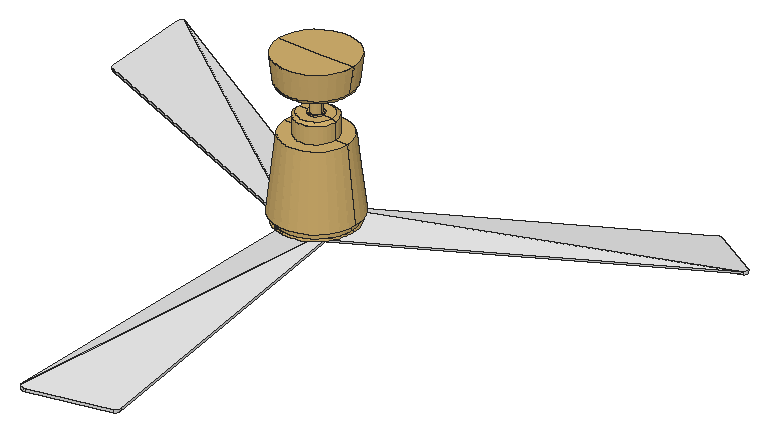
Revit family "Dynamo 3-113-xx e", category Generic Models, host Ceiling, Revit 2020
Family settings
  Host = Ceiling
  Can host rebar = No
  Round Connector Dimension = Use Diameter
  Part Type = Normal
  Always vertical = Yes
  Cut with Voids When Loaded = No
  Shared = No
  Room Calculation Point = No
Parameters (values of type "37-113-640 / White - Aged Brass")
  Voltage Input = "120 V or 277 V - 50/60 Hz"  # constant formula
  Voltage = 277 V
  URL = "www.oxygenlighting.com"
  References = "Ref. 3 = 120 V / Ref. 37 = 277 V"  # constant formula
  Model = "3-113-xx/37-113-xx Dynamo Fan"  # constant formula
  Metal Finish = 40 - Aged Brass
  Manufacturer = "Oxygen - Lighting & Fans"  # constant formula
  Default Elevation = 0 mm
  Blade Finish = 6 - White
Types (9, lengths in mm): name | Voltage | Metal Finish | Blade Finish
  (no name) | 277 V | 40 - Aged Brass | 6 - White
  3-113-15 / Black | 120 V | 15 - Black | 15 - Black
  3-113-1540 / Black - Aged Brass | 120 V | 40 - Aged Brass | 15 - Black
  3-113-24 / Satin Nickel | 120 V | 24 - Satin Nickel | 24 - Satin Nickel
  3-113-640 / White - Aged Brass | 120 V | 40 - Aged Brass | 6 - White
  37-113-15 / Black | 277 V | 15 - Black | 15 - Black
  37-113-1540 / Black - Aged Brass | 277 V | 40 - Aged Brass | 15 - Black
  37-113-24 / Satin Nickel | 277 V | 24 - Satin Nickel | 24 - Satin Nickel
  37-113-640 / White - Aged Brass | 277 V | 40 - Aged Brass | 6 - White
Reference planes
  plane 1 "Center (Front/Back)": y = 0
  plane 2 "Ceiling": z = 2438.4
  plane 3 "Center (Left/Right)": x = 0
Dimensions and locks
  equal spacing: host sketch curve, plane 3 "Center (Left/Right)", host sketch curve
  equal spacing: host sketch curve, plane 1 "Center (Front/Back)", host sketch curve
  host sketch curve to host sketch curve = 3048 mm  (x2)
  aligned and locked: plane 3 "Center (Left/Right)" to nested 1
  aligned and locked: plane 1 "Center (Front/Back)" to nested 1
  aligned and locked: nested 1 to plane 2 "Ceiling"
  aligned and locked: plane 1 "Center (Front/Back)" to nested 2
  aligned and locked: plane 3 "Center (Left/Right)" to nested 2
  aligned and locked: nested 1 to nested 2
Nested families
  nested 1: "Base" at (0, 0, 2438.4), type "Base"
  nested 2: "Blades" at (0, 0, 1735.388), type "Blades"
Connectors
  electrical at (0, 0, 2438.4), driven by "Voltage"
    settings: on nested 1, index 1, voltage 277 V, apparent load 0 VA, apparent load phase1 0 VA, apparent load phase2 0 VA, apparent load phase3 0 VA, power factor 1, load classification "Other", number of poles 1, system type 31, power factor state 1, is connector primary yes, connector utility no, sub classification motor no, connector description ""
Definition of nested family "Base"
  Parameters
    Metal finish = none
    Default Elevation = 0 mm
  Reference planes
    plane 1 "Center (Front/Back)": y = 0
    plane 2: z = 0
    plane 3 "Center (Left/Right)": x = 0
  Forms (mm)
    Revolve 1, solid, material <- "Metal finish"
      sketch origin (0, 0, 0) x (1, 0, 0) y (0, 0, 1)
        loop
          line (0, -306.05) -> (0, 0) -> (-76.629, 0) -> (-70.321, -51.631)
          arc (-70.321, -51.631) -> (-68.667, -54.76) -> (-65.357, -56.012) r 5.003
          line (-65.357, -56.012) -> (-34.226, -56.012) -> (-34.226, -58.406)
          arc (-34.226, -58.406) -> (-33.696, -59.687) -> (-32.416, -60.217) r 1.811
          line (-32.416, -60.217) -> (-10.513, -60.217) -> (-10.513, -108.285) -> (-14.66, -108.285) -> (-14.66, -110.096) -> (-33.993, -110.096) -> (-40.008, -115.061) -> (-40.008, -148.119) -> (-65.006, -148.119) -> (-82.061, -290.572) -> (-73.3, -290.572) -> (-72.599, -304.064) -> (-74.059, -304.064)
          arc (-74.059, -304.064) -> (-75.464, -304.645) -> (-76.045, -306.05) r 1.986
          line (-76.045, -306.05) -> (0, -306.05)
        axis (0, 0) -> (0, -306.05)
      angle from 0 to 360
  Dimensions and locks
    aligned and locked: level to plane 2
Definition of nested family "Blades"
  Parameters
    Metal Finish = none
    Default Elevation = 0 mm
  Reference planes
    plane 1 "Center (Front/Back)": y = 0
    plane 2: z = 0
    plane 3 "Center (Left/Right)": x = 0
  Dimensions and locks
    aligned and locked: plane 2 to level
  Nested families
    nested 1: "Blade" at (49.193, 20.803, 390.507) x (0.9999, -0.0169, 0) z (0, 0, 1), type "Blade"
    nested 2: "Blade" at (-42.676, 31.677, 390.507) x (-0.4853, 0.8744, 0) z (0, 0, 1), type "Blade"
    nested 3: "Blade" at (-6.721, -51.121, 390.507) x (-0.5146, -0.8574, 0) z (0, 0, 1), type "Blade"
    nested 4: "Blade" at (1027.106, 235.172, 390.507), type "Blade", not visible
    nested 5: "Blade" at (935.066, 244.491, 390.507) x (-0.5, 0.866, 0) z (0, 0, 1), type "Blade", not visible
    nested 6: "Blade" at (972.416, 162.313, 390.507) x (-0.5, -0.866, 0) z (0, 0, 1), type "Blade", not visible
  Definition of nested family "Blade"
    Parameters (values of type "Blade")
      Metal finish = none
      Default Elevation = 0 mm
    Reference planes
      plane 1 "Center (Front/Back)": y = 0
      plane 2: z = 0
      plane 3 "Center (Left/Right)": x = 0
    Forms (mm)
      Extrusion 1, solid, material <- "Metal finish"
        sketch origin (-5.23, -2.207, 1.399) x (0.98476, -0.009879, 0.17364) y (0.009729, 0.999951, 0.001716)
          loop
            arc (-3.504, 0.467) -> (-0.272, -0.193) -> (2.709, 1.22) r 5.208
            line (2.709, 1.22) -> (-85.39, 728.036) -> (-85.39, 47.776) -> (-3.504, 0.467)
        from 0 to 4.9
      Extrusion 2, solid, material <- "Metal finish"
        sketch origin (-6.099, -2.115, 6.967) x (0.985112, -0.016417, -0.171126) y (-0.009771, -0.999168, 0.039607)
          loop
            arc (61.327, -669.454) -> (65.776, -665.405) -> (67.051, -659.525) r 9.877
            line (67.051, -659.525) -> (3.972, -4.322)
            arc (3.972, -4.322) -> (3.567, -2.679) -> (2.709, -1.22) r 5.842
            line (2.709, -1.22) -> (-85.39, -728.036)
            arc (-85.39, -728.036) -> (-79.218, -733.274) -> (-71.139, -732.767) r 10.826
            line (-71.139, -732.767) -> (61.327, -669.454)
        from 0 to 4.9
    Dimensions and locks
      aligned and locked: level to plane 2
